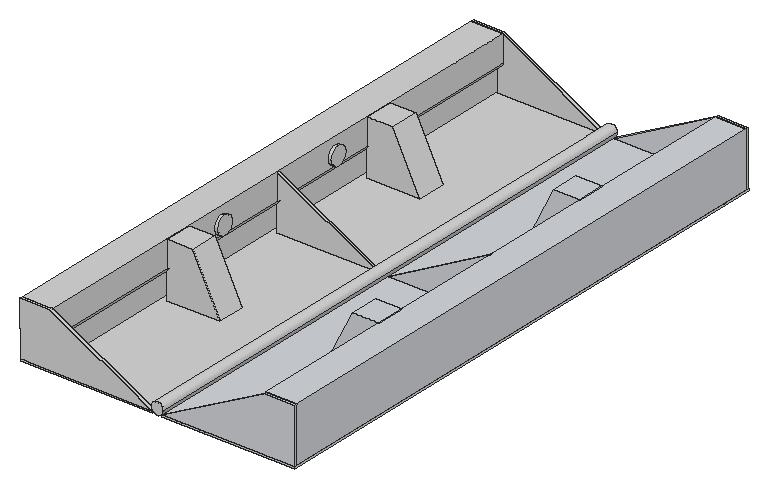
Revit family "ORMA_ORMA HINGED INSIDE CORNER 1,2_1900164", category Generic Models, Revit 2018
Family settings
  Can host rebar = No
  Round Connector Dimension = Use Diameter
  Part Type = Normal
  OmniClass Number = 35.51.14.00
  OmniClass Title = FORMWORK
  Work Plane-Based = Yes
  Always vertical = No
  Cut with Voids When Loaded = No
  Shared = Yes
  Room Calculation Point = No
Parameters
  VERSION = "20190101"  # constant formula
  URL = "www.ulmaconstruction.com/en"
  UNICLASS = ""
  REAL ANGLE [instance] = if(ANGLE < 65.00°, 65.00°, if(ANGLE < 265.00°, ANGLE, 265.00°))  # 180.00°
  ITEM_CODE = "1900164"
  Manufacturer = "ULMA CONSTRUCTION"  # constant formula
  INSERTION PLANE POSITION [instance] = if(19.621 mm - INSERTION PLANE CALCULATION < 0.000 mm, 0.000 mm, 19.621 mm - INSERTION PLANE CALCULATION)  # 19.621 mm
  INSERTION PLANE CALCULATION [instance] = if(REAL ANGLE = 180.00°, 0.000 mm, (12.500 mm * sin(90.00° - REAL ANGLE) + 12.500 mm) * tan(90.00° - REAL ANGLE) + 12.500 mm * cos(90.00° - REAL ANGLE))  # 0.000 mm
  FILTER [instance] = ""
  Default Elevation = 0.000 mm
  CLASSIFICATION_TITLE = ""
  CLASSIFICATION_NUMBER = ""
  ANGLE [instance] = 180.00°
Reference planes
  plane 1 "Centro (Frontal/Posterior)": y = 0
  plane 2: z = 0
  plane 3 "Centro (Izquierda/Derecha)": x = 0
  plane 4 "ITEM_HEIGHT": y = 1200
  plane 5 "CENTER": z = 12.5
  plane 6 "INSERTION PLANE": x = 0
  plane 7 "TIE HOLE 1": y = 34
  plane 8 "TIE HOLE 2": y = 640
  plane 9 "LATERAL HOLE 1": y = 450
  plane 10 "LATERAL HOLE 2": y = 750
  plane 11 "INSERTION PLANE BASE": x = 19.621
  plane 12 "TIE HOLES": x = -261.5
Forms (mm)
  Extrusion 1, solid, material "ULMA ZINC"
    sketch origin (0, 0, 0) x (1, 0, 0) y (0, 0, 1)
      loop
        circle (0, 12.5) r 12.5
    from -1200 to 0
  Extrusion 2, solid, material "ULMA ZINC", detail levels fine
    sketch origin (0, 0, 0) x (1, 0, 0) y (0, 0, 1)
      loop
        line (-10, 4) -> (-290, 4) -> (-290, 0) -> (-10, 0) -> (-10, 4)
    from -1200 to 0
  Extrusion 3, solid, material "ULMA ZINC", detail levels fine
    sketch origin (0, 0, 0) x (1, 0, 0) y (0, 0, 1)
      loop
        line (-290, 120) -> (-290, 4) -> (-237.5, 4) -> (-237.5, 52.039)
        arc (-237.5, 52.039) -> (-237.085, 53.419) -> (-235.977, 54.341) r 2.5
        line (-235.977, 54.341) -> (-228.656, 57.448)
        arc (-228.656, 57.448) -> (-225.997, 59.66) -> (-225, 62.971) r 6
        line (-225, 62.971) -> (-225, 120) -> (-290, 120)
    from -1194 to -6
  Extrusion 4, solid, material "ULMA ZINC", detail levels fine
    sketch origin (0, 0, 0) x (1, 0, 0) y (0, 0, 1)
      loop
        line (-225, 120) -> (-225, 4) -> (-12, 4) -> (-225, 120)
    from -598 to -602
  Extrusion 5, solid, material "ULMA ZINC", detail levels fine
    sketch origin (0, 0, -4) x (1, 0, 0) y (0, 0, 1)
      loop
        line (-290, 124) -> (-290, 8) -> (-12, 8) -> (-227.145, 124) -> (-290, 124)
    from 0 to -6
  Extrusion 6, solid, material "ULMA ZINC", detail levels fine
    sketch origin (0, 1200, 0) x (-1, 0, 0) y (0, 0, 1)
      loop
        line (290, 120) -> (227.145, 120) -> (12, 4) -> (290, 4) -> (290, 120)
    from 0 to -6
  Extrusion 7, solid, material "ULMA ZINC", detail levels fine
    sketch origin (-225, 305, 1200) x (-1, 0, 0) y (0, 0, 1)
      loop
        line (0, -1080) -> (-55.487, -1080) -> (-112, -1196) -> (0, -1196) -> (0, -1080)
    from 0 to 60
  Extrusion 8, solid, material "ULMA ZINC", detail levels fine
    sketch origin (-225, 835, 1200) x (-1, 0, 0) y (0, 0, 1)
      loop
        line (0, -1080) -> (-55.487, -1080) -> (-112, -1196) -> (0, -1196) -> (0, -1080)
    from 0 to 60
  Extrusion 9, solid, material "ULMA ZINC", detail levels fine
    sketch origin (-225, 0, 62.971) x (0, 0, 1) y (0, -1, 0)
      loop
        circle (23.029, -450) r 19
    from 0 to 8
  Extrusion 10, solid, material "ULMA ZINC", detail levels fine
    sketch origin (-225, 300, 62.971) x (0, 0, 1) y (0, -1, 0)
      loop
        circle (23.029, -450) r 19
    from 0 to 8
  Extrusion 11, solid, material "ULMA ZINC", detail levels coarse+medium
    sketch origin (0, 0, 0) x (1, 0, 0) y (0, 0, 1)
      loop
        line (-290, 120) -> (-290, 0) -> (-4.581, 0) -> (-227.145, 120) -> (-290, 120)
    from 0 to -1200
Lines and regions (mm)
  reference lines
    curve 1: line (0, 0, 12.5) -> (311.15, 0, 12.5)
    curve 22: line (261.5, 0, 120) -> (261.5, 1200, 120)
    curve 23: line (259.645, 1200, 119) -> (259.645, 1200, -1)
  model lines, style "ULMA PANELS", detail levels fine
    curve 2: circle (-170, 305, 64) r 10.25 normal (0, 1, 0)
    curve 3: circle (-170, 365, 64) r 10.25 normal (0, 1, 0)
    curve 4: circle (-170, 835, 64) r 10.25 normal (0, 1, 0)
    curve 5: circle (-170, 895, 64) r 10.25 normal (0, 1, 0)
    curve 6: circle (-261.5, 34, 0) r 13 normal (0, 0, 1)
    curve 7: arc (-246, 41.5, 120) -> (-261.5, 57, 120) -> (-277, 41.5, 120) r 15.5
    curve 8: line (-277, 26.5, 120) -> (-277, 41.5, 120)
    curve 9: arc (-277, 26.5, 120) -> (-261.5, 11, 120) -> (-246, 26.5, 120) r 15.5
    curve 10: line (-246, 41.5, 120) -> (-246, 26.5, 120)
    curve 11: circle (-261.5, 34, 120) r 13 normal (0, 0, 1)
    curve 12: circle (-261.5, 640, 0) r 13 normal (0, 0, 1)
    curve 13: arc (-246, 647.5, 120) -> (-261.5, 663, 120) -> (-277, 647.5, 120) r 15.5
    curve 14: line (-277, 632.5, 120) -> (-277, 647.5, 120)
    curve 15: arc (-277, 632.5, 120) -> (-261.5, 617, 120) -> (-246, 632.5, 120) r 15.5
    curve 16: line (-246, 647.5, 120) -> (-246, 632.5, 120)
    curve 17: circle (-261.5, 640, 120) r 13 normal (0, 0, 1)
    curve 18: circle (-217, 450, 86) r 11 normal (1, 0, 0)
    curve 19: circle (-290, 450, 86) r 11 normal (1, 0, 0)
    curve 20: circle (-217, 750, 86) r 11 normal (1, 0, 0)
    curve 21: circle (-290, 750, 86) r 11 normal (1, 0, 0)
Dimensions and locks
  locked: plane 1 "Centro (Frontal/Posterior)" to plane 4 "ITEM_HEIGHT" at 1200
  locked: plane 11 "INSERTION PLANE BASE" to plane 3 "Centro (Izquierda/Derecha)" at 19.621
  "INSERTION PLANE POSITION": plane 11 "INSERTION PLANE BASE" to plane 6 "INSERTION PLANE"
  "REAL ANGLE": angle curve 1 to plane 5 "CENTER"
  aligned and locked: level to plane 2
  aligned and locked: plane 4 "ITEM_HEIGHT" to Extrusion 1
  aligned and locked: plane 1 "Centro (Frontal/Posterior)" to Extrusion 1
  aligned and locked: plane 3 "Centro (Izquierda/Derecha)" to curve 1
  aligned and locked: plane 5 "CENTER" to curve 1
  aligned and locked: plane 4 "ITEM_HEIGHT" to Extrusion 2
  aligned and locked: plane 4 "ITEM_HEIGHT" to Extrusion 11
Automatic sketch dimensions
  Extrusion 1 sketch curve to plane 3 "Centro (Izquierda/Derecha)" = 0.000 mm
  Extrusion 1 sketch curve to plane 5 "CENTER" = 0.000 mm
  plane 3 "Centro (Izquierda/Derecha)" to Extrusion 2 sketch curve = 10.000 mm
  Extrusion 2 sketch curve to level = 4.000 mm
  Extrusion 5 sketch curve to level = 4.000 mm
  plane 3 "Centro (Izquierda/Derecha)" to Extrusion 5 sketch curve = 290.000 mm
  Extrusion 5 sketch curve to Extrusion 5 sketch curve = 62.855 mm
  plane 3 "Centro (Izquierda/Derecha)" to Extrusion 5 sketch curve = 12.000 mm
  Extrusion 6 sketch curve to plane 3 "Centro (Izquierda/Derecha)" = 227.145 mm
  plane 3 "Centro (Izquierda/Derecha)" to Extrusion 2 sketch curve = 290.000 mm
  Extrusion 2 sketch curve to level = 0.000 mm
  Extrusion 3 sketch curve to level = 4.000 mm
  Extrusion 3 sketch curve to Extrusion 3 sketch curve = 52.500 mm
  plane 3 "Centro (Izquierda/Derecha)" to Extrusion 3 sketch curve = 237.500 mm
  Extrusion 3 sketch curve to Extrusion 3 sketch curve = 48.039 mm
  Extrusion 3 sketch curve to Extrusion 3 sketch curve = 67.961 mm
  Extrusion 3 sketch curve to Extrusion 3 sketch curve = 1.523 mm
  Extrusion 3 sketch curve to Extrusion 3 sketch curve = 0.977 mm
  Extrusion 3 sketch curve to plane 5 "CENTER" = 44.948 mm
  Extrusion 3 sketch curve to Extrusion 3 sketch curve = 7.321 mm
  Extrusion 3 sketch curve to Extrusion 3 sketch curve = 3.656 mm
  Extrusion 3 sketch curve to Extrusion 3 sketch curve = 5.523 mm
  Extrusion 4 sketch curve to plane 5 "CENTER" = 107.500 mm
  Extrusion 4 sketch curve to Extrusion 4 sketch curve = 213.000 mm
  Extrusion 4 sketch curve to level = 4.000 mm
  plane 3 "Centro (Izquierda/Derecha)" to Extrusion 4 sketch curve = 12.000 mm
  Extrusion 5 sketch curve to plane 5 "CENTER" = 107.500 mm
  level to Extrusion 6 sketch curve = 4.000 mm
  Extrusion 6 sketch curve to Extrusion 6 sketch curve = 62.855 mm
  Extrusion 6 sketch curve to plane 3 "Centro (Izquierda/Derecha)" = 12.000 mm
  plane 5 "CENTER" to Extrusion 6 sketch curve = 107.500 mm
  Extrusion 7 sketch curve to Extrusion 7 sketch curve = 56.513 mm
  Extrusion 7 sketch curve to Extrusion 7 sketch curve = 112.000 mm
  Extrusion 7 sketch curve to Extrusion 7 sketch curve = 116.000 mm
  Extrusion 8 sketch curve to Extrusion 8 sketch curve = 56.513 mm
  Extrusion 8 sketch curve to Extrusion 8 sketch curve = 112.000 mm
  Extrusion 8 sketch curve to Extrusion 8 sketch curve = 116.000 mm
  Extrusion 11 sketch curve to level = 0.000 mm
  Extrusion 11 sketch curve to plane 3 "Centro (Izquierda/Derecha)" = 290.000 mm
  Extrusion 11 sketch curve to Extrusion 11 sketch curve = 62.855 mm
  Extrusion 11 sketch curve to plane 3 "Centro (Izquierda/Derecha)" = 4.581 mm
  plane 5 "CENTER" to Extrusion 11 sketch curve = 107.500 mm
  curve 23 to curve 23 = 105.625 mm
  curve 23 to curve 23 = 56.950 mm
  level to Extrusion 8 sketch curve = 4.000 mm
  Extrusion 8 sketch curve to plane 3 "Centro (Izquierda/Derecha)" = 113.000 mm
  Extrusion 8 to curve 4 = 55.000 mm
  Extrusion 8 to curve 4 = 56.000 mm
  curve 5 to Extrusion 8 = 55.000 mm
  curve 5 to Extrusion 8 = 56.000 mm
  Extrusion 10 sketch curve to plane 10 "LATERAL HOLE 2" = 0.000 mm
  plane 5 "CENTER" to Extrusion 10 sketch curve = 73.500 mm
  curve 21 to plane 10 "LATERAL HOLE 2" = 0.000 mm
  plane 5 "CENTER" to curve 21 = 73.500 mm
  curve 12 to plane 8 "TIE HOLE 2" = 0.000 mm
  curve 12 to plane 12 "TIE HOLES" = 0.000 mm
  curve 13 to Extrusion 3 = 28.500 mm
  curve 17 to curve 13 = 0.000 mm
  Extrusion 3 to curve 15 = 561.500 mm
  curve 15 to curve 17 = 7.500 mm
  curve 17 to curve 13 = 7.500 mm
  curve 14 to Extrusion 3 = 13.000 mm
  Extrusion 9 sketch curve to plane 9 "LATERAL HOLE 1" = 0.000 mm
  plane 5 "CENTER" to Extrusion 9 sketch curve = 73.500 mm
  curve 19 to plane 9 "LATERAL HOLE 1" = 0.000 mm
  plane 5 "CENTER" to curve 19 = 73.500 mm
  curve 6 to plane 7 "TIE HOLE 1" = 0.000 mm
  curve 6 to plane 12 "TIE HOLES" = 0.000 mm
  curve 7 to plane 12 "TIE HOLES" = 0.000 mm
  curve 11 to plane 7 "TIE HOLE 1" = 0.000 mm
  curve 11 to plane 12 "TIE HOLES" = 0.000 mm
  curve 9 to plane 7 "TIE HOLE 1" = 7.500 mm
  curve 11 to curve 7 = 7.500 mm
  curve 8 to plane 12 "TIE HOLES" = 15.500 mm
  level to Extrusion 7 sketch curve = 4.000 mm
  Extrusion 7 sketch curve to plane 3 "Centro (Izquierda/Derecha)" = 113.000 mm
  Extrusion 7 to curve 2 = 55.000 mm
  Extrusion 7 to curve 2 = 56.000 mm
  curve 3 to Extrusion 7 = 55.000 mm
  curve 3 to Extrusion 7 = 56.000 mm
  curve 22 to curve 22 = 1200.000 mm
  radius of Extrusion 1 sketch curve = 12.500 mm
  radius of Extrusion 9 sketch curve = 19.000 mm
  radius of curve 18 to Extrusion 9 = 8.000 mm  (x2)
  radius of curve 19 = 11.000 mm  (x2)
  radius of Extrusion 10 sketch curve = 19.000 mm
  radius of curve 20 to Extrusion 10 = 8.000 mm  (x2)
  radius of curve 21 = 11.000 mm  (x2)
  radius of curve 4 = 10.250 mm
  radius of curve 5 = 10.250 mm
  radius of curve 12 = 13.000 mm
  radius of curve 17 = 13.000 mm
  radius of curve 6 = 13.000 mm
  radius of curve 11 = 13.000 mm
  radius of curve 2 = 10.250 mm
  radius of curve 3 = 10.250 mm
Nested families
  nested 1: "LATERAL ESCUADRA INT G - 1908347_PANELS" at (0, 0, 0) x (-1, 0, 0) z (0, 0, 1), type "LATERAL ESCUADRA INT G - 1908347_PANELS"
    with FILTER ""
Definition of nested family "LATERAL ESCUADRA INT G - 1908347_PANELS"
  Parameters (values of type "LATERAL ESCUADRA INT G - 1908347_PANELS")
    VERSION = "20190101"  # constant formula
    URL = "www.ulmaconstruction.com/en"
    UNICLASS = ""
    Manufacturer = "ULMA CONSTRUCTION"  # constant formula
    FILTER [instance] = ""
    Default Elevation = 0.000 mm
    CLASSIFICATION_TITLE = ""
    CLASSIFICATION_NUMBER = ""
  Reference planes
    plane 1 "Centro (Frontal/Posterior)": y = 0
    plane 2: z = 0
    plane 3 "Centro (Izquierda/Derecha)": x = 0
    plane 4 "ITEM_HEIGHT": y = 1200
    plane 5 "CENTER": z = 12.5
    plane 6 "TIE HOLE 1": y = 34
    plane 7 "TIE HOLE 2": y = 640
    plane 8 "LATERAL HOLE 1": y = 450
    plane 9 "LATERAL HOLE 2": y = 750
    plane 10 "TIE HOLES": x = -261.5
  Forms (mm)
    Extrusion 1, solid, detail levels fine
      sketch origin (0, 0, 0) x (1, 0, 0) y (0, 0, 1)
        loop
          line (-10, 4) -> (-290, 4) -> (-290, 0) -> (-10, 0) -> (-10, 4)
      from -1200 to 0
    Extrusion 2, solid, detail levels fine
      sketch origin (0, 0, 0) x (1, 0, 0) y (0, 0, 1)
        loop
          line (-290, 120) -> (-290, 4) -> (-237.5, 4) -> (-237.5, 52.039)
          arc (-237.5, 52.039) -> (-237.085, 53.419) -> (-235.977, 54.341) r 2.5
          line (-235.977, 54.341) -> (-228.656, 57.448)
          arc (-228.656, 57.448) -> (-225.997, 59.66) -> (-225, 62.971) r 6
          line (-225, 62.971) -> (-225, 120) -> (-290, 120)
      from -1194 to -6
    Extrusion 3, solid, detail levels fine
      sketch origin (0, 0, 0) x (1, 0, 0) y (0, 0, 1)
        loop
          line (-225, 120) -> (-225, 4) -> (-12, 4) -> (-225, 120)
      from -598 to -602
    Extrusion 4, solid, detail levels fine
      sketch origin (0, 0, -4) x (1, 0, 0) y (0, 0, 1)
        loop
          line (-290, 124) -> (-290, 8) -> (-12, 8) -> (-227.145, 124) -> (-290, 124)
      from 0 to -6
    Extrusion 5, solid, detail levels fine
      sketch origin (0, 1200, 0) x (-1, 0, 0) y (0, 0, 1)
        loop
          line (290, 120) -> (227.145, 120) -> (12, 4) -> (290, 4) -> (290, 120)
      from 0 to -6
    Extrusion 6, solid, detail levels fine
      sketch origin (-225, 305, 1200) x (-1, 0, 0) y (0, 0, 1)
        loop
          line (0, -1080) -> (-55.487, -1080) -> (-112, -1196) -> (0, -1196) -> (0, -1080)
      from 0 to 60
    Extrusion 7, solid, detail levels fine
      sketch origin (-225, 835, 1200) x (-1, 0, 0) y (0, 0, 1)
        loop
          line (0, -1080) -> (-55.487, -1080) -> (-112, -1196) -> (0, -1196) -> (0, -1080)
      from 0 to 60
    Extrusion 8, solid, detail levels fine
      sketch origin (-225, 0, 62.971) x (0, 0, 1) y (0, -1, 0)
        loop
          circle (23.029, -450) r 19
      from 0 to 8
    Extrusion 9, solid, detail levels fine
      sketch origin (-225, 300, 62.971) x (0, 0, 1) y (0, -1, 0)
        loop
          circle (23.029, -450) r 19
      from 0 to 8
    Extrusion 10, solid, detail levels coarse+medium
      sketch origin (0, 0, 0) x (1, 0, 0) y (0, 0, 1)
        loop
          line (-290, 120) -> (-290, 0) -> (-4.581, 0) -> (-227.145, 120) -> (-290, 120)
      from 0 to -1200
  Lines and regions (mm)
    model lines, detail levels fine
      curve 1: circle (-170, 305, 64) r 10.25 normal (0, 1, 0)
      curve 2: circle (-170, 365, 64) r 10.25 normal (0, 1, 0)
      curve 3: circle (-170, 835, 64) r 10.25 normal (0, 1, 0)
      curve 4: circle (-170, 895, 64) r 10.25 normal (0, 1, 0)
      curve 5: circle (-261.5, 34, 0) r 13 normal (0, 0, 1)
      curve 6: arc (-246, 41.5, 120) -> (-261.5, 57, 120) -> (-277, 41.5, 120) r 15.5
      curve 7: line (-277, 26.5, 120) -> (-277, 41.5, 120)
      curve 8: arc (-277, 26.5, 120) -> (-261.5, 11, 120) -> (-246, 26.5, 120) r 15.5
      curve 9: line (-246, 41.5, 120) -> (-246, 26.5, 120)
      curve 10: circle (-261.5, 34, 120) r 13 normal (0, 0, 1)
      curve 11: circle (-261.5, 640, 0) r 13 normal (0, 0, 1)
      curve 12: arc (-246, 647.5, 120) -> (-261.5, 663, 120) -> (-277, 647.5, 120) r 15.5
      curve 13: line (-277, 632.5, 120) -> (-277, 647.5, 120)
      curve 14: arc (-277, 632.5, 120) -> (-261.5, 617, 120) -> (-246, 632.5, 120) r 15.5
      curve 15: line (-246, 647.5, 120) -> (-246, 632.5, 120)
      curve 16: circle (-261.5, 640, 120) r 13 normal (0, 0, 1)
      curve 17: circle (-217, 450, 86) r 11 normal (1, 0, 0)
      curve 18: circle (-290, 450, 86) r 11 normal (1, 0, 0)
      curve 19: circle (-217, 750, 86) r 11 normal (1, 0, 0)
      curve 20: circle (-290, 750, 86) r 11 normal (1, 0, 0)
  Dimensions and locks
    locked: plane 1 "Centro (Frontal/Posterior)" to plane 4 "ITEM_HEIGHT" at 1200
    aligned and locked: level to plane 2
    aligned and locked: plane 4 "ITEM_HEIGHT" to Extrusion 1
    aligned and locked: plane 4 "ITEM_HEIGHT" to Extrusion 10
